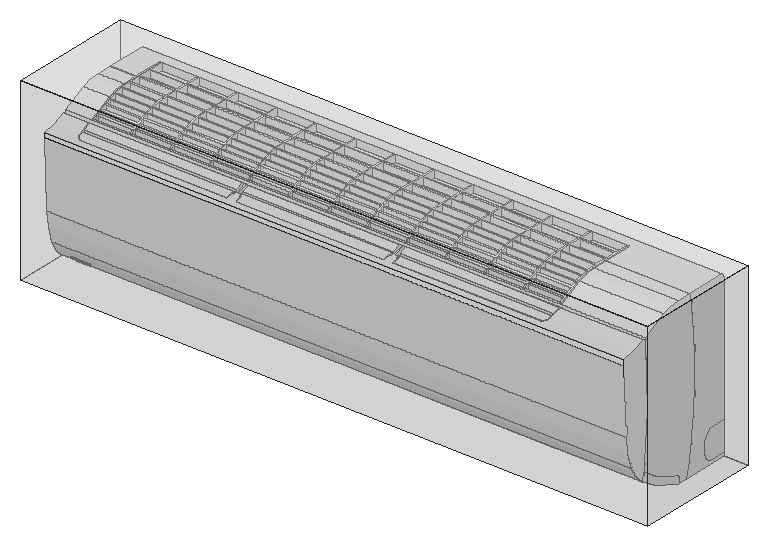
Revit family "outputfile", category 機械設備, Revit 2024 (continued)
Automatic sketch dimensions
  Extrusion 6 sketch curve to level = 39.145 mm
  Extrusion 6 sketch curve to Extrusion 6 sketch curve = 87.729 mm
  Extrusion 9 sketch curve to Extrusion 9 sketch curve = 29.597 mm
  Extrusion 9 sketch curve to Extrusion 9 sketch curve = 6.09 mm
  Extrusion 10 sketch curve to plane 5 "Front" = 51.103 mm
  Extrusion 10 sketch curve to plane 4 "Center (Front/Back)" = 43.89 mm
  Extrusion 11 sketch curve to Extrusion 11 sketch curve = 82.2 mm
  Extrusion 12 sketch curve to Extrusion 12 sketch curve = 82.2 mm
  Extrusion 5 sketch curve to Extrusion 5 sketch curve = 54.897 mm
  Extrusion 5 sketch curve to Extrusion 5 sketch curve = 8.403 mm
  Extrusion 5 sketch curve to Extrusion 5 sketch curve = 4.775 mm
  Extrusion 5 sketch curve to level = 196.822 mm
  Extrusion 6 sketch curve to Extrusion 6 sketch curve = 17.737 mm
  Extrusion 6 sketch curve to Extrusion 6 sketch curve = 8.403 mm
  Extrusion 6 sketch curve to Extrusion 6 sketch curve = 4.775 mm
  Extrusion 6 sketch curve to level = 196.822 mm
  Extrusion 6 sketch curve to level = 184.0 mm
  Extrusion 6 sketch curve to Extrusion 6 sketch curve = 3.223 mm
  Extrusion 7 sketch curve to level = 148.3 mm
  Extrusion 7 sketch curve to Extrusion 7 sketch curve = 2.725 mm
  plane 9 "Bottom" to Extrusion 7 sketch curve = 12.4 mm
  Extrusion 8 sketch curve to level = 148.3 mm
  Extrusion 8 sketch curve to Extrusion 8 sketch curve = 3.692 mm
  Extrusion 9 sketch curve to level = 148.313 mm
  Extrusion 6 sketch curve to plane 4 "Center (Front/Back)" = 76.232 mm
  Extrusion 6 sketch curve to Extrusion 6 sketch curve = 10.372 mm
  Extrusion 6 sketch curve to Extrusion 6 sketch curve = 14.363 mm
  Extrusion 6 sketch curve to Extrusion 6 sketch curve = 58.242 mm
  plane 9 "Bottom" to Extrusion 8 sketch curve = 7.772 mm
  Extrusion 10 sketch curve to Extrusion 10 sketch curve = 22.678 mm
  Extrusion 11 sketch curve to Extrusion 11 sketch curve = 199.466 mm
  Extrusion 12 sketch curve to Extrusion 12 sketch curve = 199.466 mm
  plane 9 "Bottom" to Extrusion 5 sketch curve = 98.776 mm
  plane 9 "Bottom" to Extrusion 5 sketch curve = 156.0 mm
  plane 9 "Bottom" to Extrusion 6 sketch curve = 21.788 mm
  Extrusion 6 sketch curve to Extrusion 6 sketch curve = 5.0 mm
  Extrusion 6 sketch curve to plane 4 "Center (Front/Back)" = 16.564 mm
  Extrusion 7 sketch curve to Extrusion 7 sketch curve = 5.679 mm
  Extrusion 8 sketch curve to plane 4 "Center (Front/Back)" = 16.564 mm
  plane 9 "Bottom" to Extrusion 9 sketch curve = 32.482 mm
  Extrusion 9 sketch curve to Extrusion 9 sketch curve = 12.606 mm
  plane 9 "Bottom" to Extrusion 9 sketch curve = 45.322 mm
  Extrusion 10 sketch curve to level = 173.035 mm
  Extrusion 10 sketch curve to Extrusion 10 sketch curve = 27.999 mm
  plane 1 "Back" to Extrusion 5 sketch curve = 95.491 mm
  Extrusion 5 sketch curve to Extrusion 5 sketch curve = 4.32 mm
  Extrusion 5 sketch curve to Extrusion 5 sketch curve = 0.381 mm
  Extrusion 6 sketch curve to Extrusion 6 sketch curve = 4.508 mm
  plane 1 "Back" to Extrusion 6 sketch curve = 38.573 mm
  Extrusion 6 sketch curve to plane 13 "ld_liquidpipe" = 8.3 mm
  Extrusion 7 sketch curve to plane 13 "ld_liquidpipe" = 8.3 mm
  Extrusion 8 sketch curve to plane 13 "ld_liquidpipe" = 8.3 mm
  Extrusion 9 sketch curve to plane 13 "ld_liquidpipe" = 8.432 mm
  plane 1 "Back" to Extrusion 11 sketch curve = 38.573 mm
  plane 1 "Back" to Extrusion 12 sketch curve = 38.573 mm
  plane 9 "Bottom" to curve 1 = 52.18 mm
  curve 1 to plane 5 "Front" = 38.098 mm
  curve 1 to curve 1 = 7.484 mm
  curve 1 to curve 1 = 6.633 mm
  radius of Extrusion 1 sketch curve = 40.0 mm  (x2)
Nested families
  nested 1: "daikin_clearancespace" at (0, -129.5, -154.881), show <- "Clearance visibility", visible <- "Clearance visibility", Link_Nested Family <- "Link_Nested Family", type "daikin_clearancespace"
    with width 1300.0 mm, show yes, height 370.0 mm, depth 259.0 mm, Link_Nested Family ""
  nested 2: "daikin_logo_plane_w40" at (-550.5, -227.833, -280) x (1, 0, 0) z (0, -0.7484, -0.6633), type "daikin_logo_plane_w40"
    with show_logo yes
  nested 3: "daikin_connector_rotate3" at (46, -35, -315), angle_vertical <- "angle_vertical", angle_horizontal <- "angle_horizontal", length <- "l_drainpipe_length", radius <- "r_Drain Pipe Size", type "daikin_connector_rotate3"
    with show no, radius 6.5 mm, length 554.0 mm, angle_vertical 90.00°, angle_horizontal 90.00°
  nested 4: "daikin_connector_rotate3" at (51, -30, -300), angle_vertical <- "angle_vertical", angle_horizontal <- "angle_horizontal", radius <- "r_Liquid Pipe Size", length <- "l_liquidpipe_length", type "daikin_connector_rotate3"
    with show no, radius 4.75 mm, length 549.0 mm, angle_vertical 90.00°, angle_horizontal 90.00°
  nested 5: "daikin_connector_rotate3" at (111, -15, -315), angle_vertical <- "angle_vertical", angle_horizontal <- "angle_horizontal", length <- "l_gaspipe_length", radius <- "r_Gas Pipe Size", type "daikin_connector_rotate3"
    with show no, radius 7.95 mm, length 489.0 mm, angle_vertical 90.00°, angle_horizontal 90.00°
  nested 6: "daikin_connector_rotate3" at (211, -15, -290), angle_vertical <- "angle_vertical", angle_horizontal <- "angle_horizontal", length <- "l_powersupply_length", type "daikin_connector_rotate3"
    with show no, radius 10.0 mm, length 389.0 mm, angle_vertical 90.00°, angle_horizontal 90.00°
Connectors
  piping at (600, -15, -315), diameter 15.9, driven by "r_Gas Pipe Size"
    settings: on nested 5, index 2, connector inside diameter 609.6 mm, connector length 0.0 mm, flow factor 0, pipe flow 0.00 m³/h, pressure drop 0.0 Pa, fitting loss kfactor 0, connector angle 0.00°, fixture units 0, engagement length 0.0 mm, angle of deflection 0.00°, flow configuration 1, flow direction 2, fitting loss method 0, system type 29, joint type 0, gender type 0, connector reference index -1, connector utility 0, adjustable connector no, is connector primary yes, connector description "Refrigerant Gas Piping"
  piping at (600, -35, -315), diameter 13, driven by "r_Drain Pipe Size"
    settings: on nested 3, index 3, connector inside diameter 609.6 mm, connector length 0.0 mm, flow factor 0, pipe flow 0.00 m³/h, pressure drop 0.0 Pa, fitting loss kfactor 0, connector angle 0.00°, fixture units 0, engagement length 0.0 mm, angle of deflection 0.00°, flow configuration 1, flow direction 2, fitting loss method 4, system type 16, joint type 0, gender type 0, connector reference index -1, connector utility 0, adjustable connector no, is connector primary no, connector description "Condensate Drain Piping"
  piping at (600, -30, -300), diameter 9.5, driven by "r_Liquid Pipe Size"
    settings: on nested 4, index 4, connector inside diameter 609.6 mm, connector length 0.0 mm, flow factor 0, pipe flow 0.00 m³/h, pressure drop 0.0 Pa, fitting loss kfactor 0, connector angle 0.00°, fixture units 0, engagement length 0.0 mm, angle of deflection 0.00°, flow configuration 1, flow direction 1, fitting loss method 0, system type 29, joint type 0, gender type 0, connector reference index -1, connector utility 0, adjustable connector no, is connector primary no, connector description "Refrigerant Liquid Piping"
  electrical at (600, -15, -290), driven by "Load Classification", driven by "connector_phase", driven by "connector_powerinput", driven by "connector_voltage"
    settings: on nested 6, index 5, voltage 230 V, apparent load 0 VA, apparent load phase1 0 VA, apparent load phase2 0 VA, apparent load phase3 0 VA, power factor 1, load classification "HVAC", number of poles 1, system type 30, power factor state 1, is connector primary yes, connector utility no, sub classification motor no, connector description "Power Supply"
Definition of nested family "daikin_clearancespace"
  Parameters (values of type "daikin_clearancespace")
    Description = "daikin_clearancespace"
    width [instance] = 1823.963 mm
    show [instance] = yes
    material = none
    height [instance] = 1359.762 mm
    depth [instance] = 880.0 mm
    Default Elevation = 0.0 mm
    Link_Nested Family [instance] = ""
  Reference planes
    plane 1 "Center (Front/Back)": y = 0
    plane 2 "Center (Elevation)": z = -0.119
    plane 3 "Center (Left/Right)": x = 0
    plane 4: y = 440
    plane 5: y = -440
    plane 6 "Right": x = 911.982
    plane 7 "Left": x = -911.982
    plane 8 "Top": z = 679.762
    plane 9 "Bottom": z = -680
  Forms (mm)
    Extrusion 1, solid, material <- "material", visible <- "show"
      sketch origin (0, 0, 0) x (1, 0, 0) y (0, 1, 0)
        loop
          line (-911.982, 440) -> (-911.982, -440) -> (911.982, -440) -> (911.982, 440) -> (-911.982, 440)
      from -680 to 679.762
  Lines and regions (mm)
    symbolic lines, visible <- "show"
      curve 1: line (911.982, 440, 0) -> (-911.982, 440, 0)
      curve 2: line (-911.982, 440, 0) -> (-911.982, -440, 0)
      curve 3: line (-911.982, -440, 0) -> (911.982, -440, 0)
      curve 4: line (911.982, -440, 0) -> (911.982, 440, 0)
      curve 5: line (911.982, 0, 679.762) -> (-911.982, 0, 679.762)
      curve 6: line (911.982, 0, -680) -> (911.982, 0, 679.762)
      curve 7: line (-911.982, 0, -680) -> (911.982, 0, -680)
      curve 8: line (-911.982, 0, 679.762) -> (-911.982, 0, -680)
      curve 9: line (0, 440, 679.762) -> (0, -440, 679.762)
      curve 10: line (0, -440, 679.762) -> (0, -440, -680)
      curve 11: line (0, 440, -680) -> (0, 440, 679.762)
      curve 12: line (0, -440, -680) -> (0, 440, -680)
  Dimensions and locks
    "width": plane 7 "Left" to plane 6 "Right"
    "depth": plane 4 to plane 5
    "height": plane 8 "Top" to plane 9 "Bottom"
    equal spacing: plane 7 "Left", plane 3 "Center (Left/Right)", plane 6 "Right"
    equal spacing: plane 4, plane 1 "Center (Front/Back)", plane 5
    equal spacing: plane 8 "Top", plane 2 "Center (Elevation)", plane 9 "Bottom"
    aligned and locked: level to plane 2 "Center (Elevation)"
    aligned and locked: Extrusion 1 sketch curve to plane 4
    aligned and locked: plane 7 "Left" to Extrusion 1 sketch curve
    aligned and locked: Extrusion 1 sketch curve to plane 5
    aligned and locked: Extrusion 1 sketch curve to plane 6 "Right"
    aligned and locked: plane 8 "Top" to Extrusion 1
    aligned and locked: curve 1 to Extrusion 1
    aligned and locked: curve 2 to Extrusion 1
    aligned and locked: curve 3 to Extrusion 1
    aligned and locked: curve 4 to Extrusion 1
    aligned and locked: curve 5 to Extrusion 1
    aligned and locked: curve 6 to Extrusion 1
    aligned and locked: curve 7 to Extrusion 1
    aligned and locked: curve 8 to Extrusion 1
    aligned and locked: curve 9 to Extrusion 1
    aligned and locked: curve 10 to Extrusion 1
    aligned and locked: curve 11 to Extrusion 1
    aligned and locked: curve 12 to Extrusion 1
    aligned and locked: Extrusion 1 to plane 9 "Bottom"
Definition of nested family "daikin_logo_plane_w40"
  Parameters (values of type "daikin_logo_plane_w40")
    width = 40.0 mm
    show_logo [instance] = yes
    material = none
    height = 0.0 mm
    depth = 0.0 mm
    Default Elevation = 1219.2 mm
  Reference planes
    plane 1 "Center (Front/Back)": y = 0
    plane 2: z = 0
    plane 3 "Center (Left/Right)": x = 0
    plane 4: z = 2
    plane 5 "left": x = -19
    plane 6: x = 19
  Forms (mm)
    Extrusion 1, solid, visible <- "show_logo"
      sketch origin (-19, 0, 0) x (1, 0, 0) y (0, 1, 0)
        loop
          line (8.902, -1.878) -> (7.789, -6.332) -> (11.13, -6.332)
          arc (11.13, -6.332) -> (12.454, -6.064) -> (13.472, -5.176) r 2.642
          arc (13.472, -5.176) -> (13.92, -4.02) -> (13.767, -2.79) r 2.537
          arc (13.767, -2.79) -> (13.452, -2.342) -> (12.982, -2.06) r 1.321
          arc (12.982, -2.06) -> (12.063, -1.902) -> (11.13, -1.878) r 6.479
          line (11.13, -1.878) -> (8.902, -1.878)
        loop
          line (10.016, -5.441) -> (10.907, -5.441)
          arc (10.907, -5.441) -> (11.591, -4.983) -> (11.988, -4.261) r 1.742
          spline (11.988, -4.261) -> (12.01, -4.155) -> (12.027, -4.03) -> (12.037, -3.893) -> (12.037, -3.747) -> (12.026, -3.598) -> (12.002, -3.451) -> (11.962, -3.31) -> (11.905, -3.181) -> (11.829, -3.069) -> (11.731, -2.978) -> (11.61, -2.913) -> (11.464, -2.88)
          line (11.464, -2.88) -> (10.573, -2.88) -> (10.016, -5.441)
        loop
          line (13.58, -6.332) -> (14.805, -6.332) -> (15.223, -5.553) -> (16.977, -5.553) -> (17.144, -6.332) -> (19.149, -6.332) -> (18.258, -1.878) -> (16.03, -1.878) -> (13.58, -6.332)
        loop
          line (16.476, -3.214) -> (15.76, -4.551) -> (16.762, -4.551) -> (16.476, -3.214)
        loop
          line (19.705, -6.332) -> (21.599, -6.332) -> (22.712, -1.878) -> (20.819, -1.878) -> (19.705, -6.332)
        loop
          line (22.712, -6.332) -> (24.606, -6.332) -> (24.908, -5.122) -> (25.831, -6.332) -> (28.17, -6.332) -> (26.388, -3.994) -> (28.949, -1.878) -> (26.945, -1.878) -> (25.401, -3.153) -> (25.719, -1.878) -> (23.826, -1.878) -> (22.712, -6.332)
        loop
          line (29.84, -1.878) -> (28.615, -6.332) -> (30.62, -6.332) -> (31.734, -1.878) -> (29.84, -1.878)
        loop
          line (31.734, -6.332) -> (33.07, -6.332) -> (33.7, -3.814) -> (34.518, -6.332) -> (36.745, -6.332) -> (37.859, -1.878) -> (36.523, -1.878) -> (35.845, -4.589) -> (34.963, -1.878) -> (32.847, -1.878) -> (31.734, -6.332)
      from 0 to 2
    Extrusion 2, solid, visible <- "show_logo"
      sketch origin (-19, 0, 0) x (1, 0, 0) y (0, 1, 0)
        loop
          line (8.7, 0) -> (4.235, 0) -> (0, -3.879) -> (0, -8) -> (8.7, 0)
      from 0 to 2
    Extrusion 3, solid, visible <- "show_logo"
      sketch origin (-19, 0, 0) x (1, 0, 0) y (0, 1, 0)
        loop
          line (0, 0) -> (0, -3.879) -> (4.235, 0) -> (0, 0)
      from 0 to 2
  Dimensions and locks
    plane 4 to plane 2 = 2.0 mm
    equal spacing: plane 5 "left", plane 3 "Center (Left/Right)", plane 6
    locked: plane 5 "left" to plane 6 at 38
    aligned and locked: level to plane 2
    aligned and locked: Extrusion 3 to plane 1 "Center (Front/Back)"  (x2)
    aligned and locked: Extrusion 2 to plane 1 "Center (Front/Back)"  (x2)
    aligned and locked: plane 4 to Extrusion 1
    aligned and locked: plane 4 to Extrusion 3
    aligned and locked: plane 4 to Extrusion 2
    aligned and locked: Extrusion 3 to plane 5 "left"
    aligned and locked: Extrusion 2 to plane 5 "left"
  Automatic sketch dimensions
    Extrusion 1 sketch curve to Extrusion 1 sketch curve = 0.901 mm
    Extrusion 1 sketch curve to Extrusion 1 sketch curve = 1.559 mm
    Extrusion 1 sketch curve to Extrusion 1 sketch curve = 1.327 mm
    Extrusion 1 sketch curve to Extrusion 1 sketch curve = 2.145 mm
    Extrusion 1 sketch curve to Extrusion 1 sketch curve = 1.448 mm
    Extrusion 1 sketch curve to Extrusion 1 sketch curve = 2.116 mm
    Extrusion 1 sketch curve to Extrusion 1 sketch curve = 1.114 mm  (x4)
    Extrusion 1 sketch curve to Extrusion 1 sketch curve = 1.336 mm  (x2)
    plane 1 "Center (Front/Back)" to Extrusion 1 sketch curve = 1.878 mm  (x5)
    Extrusion 1 sketch curve to Extrusion 1 sketch curve = 1.893 mm  (x5)
    Extrusion 1 sketch curve to Extrusion 1 sketch curve = 0.891 mm  (x4)
    Extrusion 1 sketch curve to Extrusion 1 sketch curve = 2.005 mm  (x3)
    Extrusion 1 sketch curve to Extrusion 1 sketch curve = 0.445 mm  (x2)
    plane 1 "Center (Front/Back)" to Extrusion 1 sketch curve = 3.994 mm
    Extrusion 1 sketch curve to Extrusion 1 sketch curve = 0.557 mm  (x2)
    Extrusion 1 sketch curve to Extrusion 1 sketch curve = 2.339 mm  (x2)
    Extrusion 1 sketch curve to Extrusion 1 sketch curve = 1.225 mm  (x3)
    plane 1 "Center (Front/Back)" to Extrusion 1 sketch curve = 3.153 mm
    Extrusion 1 sketch curve to Extrusion 1 sketch curve = 0.987 mm
    plane 1 "Center (Front/Back)" to Extrusion 1 sketch curve = 5.122 mm
    Extrusion 1 sketch curve to Extrusion 1 sketch curve = 0.922 mm
    plane 1 "Center (Front/Back)" to Extrusion 1 sketch curve = 6.332 mm
    Extrusion 1 sketch curve to Extrusion 1 sketch curve = 2.562 mm
    plane 1 "Center (Front/Back)" to Extrusion 1 sketch curve = 5.553 mm
    Extrusion 1 sketch curve to Extrusion 1 sketch curve = 0.167 mm
    Extrusion 1 sketch curve to Extrusion 1 sketch curve = 0.215 mm
    plane 1 "Center (Front/Back)" to Extrusion 1 sketch curve = 3.214 mm
    Extrusion 1 sketch curve to Extrusion 1 sketch curve = 0.286 mm
    plane 1 "Center (Front/Back)" to Extrusion 1 sketch curve = 4.551 mm
    Extrusion 1 sketch curve to Extrusion 1 sketch curve = 1.002 mm
    Extrusion 1 sketch curve to Extrusion 1 sketch curve = 0.537 mm
    Extrusion 1 sketch curve to Extrusion 1 sketch curve = 0.418 mm
    Extrusion 1 sketch curve to Extrusion 1 sketch curve = 1.028 mm
    plane 1 "Center (Front/Back)" to Extrusion 1 sketch curve = 4.261 mm
    Extrusion 1 sketch curve to Extrusion 1 sketch curve = 0.563 mm
    plane 1 "Center (Front/Back)" to Extrusion 1 sketch curve = 2.88 mm
    Extrusion 1 sketch curve to Extrusion 1 sketch curve = 1.088 mm
    Extrusion 1 sketch curve to Extrusion 1 sketch curve = 2.152 mm
    Extrusion 1 sketch curve to Extrusion 1 sketch curve = 0.586 mm
    Extrusion 1 sketch curve to Extrusion 1 sketch curve = 0.118 mm
    Extrusion 1 sketch curve to Extrusion 1 sketch curve = 0.298 mm
    Extrusion 1 sketch curve to Extrusion 1 sketch curve = 0.334 mm
    Extrusion 1 sketch curve to Extrusion 1 sketch curve = 0.223 mm
    Extrusion 1 sketch curve to Extrusion 1 sketch curve = 0.266 mm
    Extrusion 1 sketch curve to Extrusion 1 sketch curve = 1.671 mm
    Extrusion 1 sketch curve to Extrusion 1 sketch curve = 2.227 mm
    Extrusion 1 sketch curve to Extrusion 1 sketch curve = 0.0 mm  (x7)
    Extrusion 1 sketch curve to Extrusion 1 sketch curve = 3.453 mm
    Extrusion 1 sketch curve to Extrusion 1 sketch curve = 2.017 mm
    Extrusion 1 sketch curve to Extrusion 1 sketch curve = 0.78 mm  (x2)
    Extrusion 1 sketch curve to Extrusion 1 sketch curve = 1.743 mm
    Extrusion 1 sketch curve to Extrusion 1 sketch curve = 0.775 mm
    Extrusion 1 sketch curve to Extrusion 1 sketch curve = 0.552 mm
    Extrusion 1 sketch curve to Extrusion 1 sketch curve = 0.014 mm
    Extrusion 1 sketch curve to Extrusion 1 sketch curve = 0.952 mm
    Extrusion 1 sketch curve to Extrusion 1 sketch curve = 1.215 mm
    Extrusion 1 sketch curve to Extrusion 1 sketch curve = 0.108 mm
    plane 1 "Center (Front/Back)" to Extrusion 2 sketch curve = 0.0 mm
    Extrusion 2 sketch curve to plane 3 "Center (Left/Right)" = 19.0 mm
    Extrusion 2 sketch curve to plane 3 "Center (Left/Right)" = 14.765 mm
    Extrusion 2 sketch curve to Extrusion 2 sketch curve = 4.465 mm
    plane 1 "Center (Front/Back)" to Extrusion 2 sketch curve = 3.879 mm
    Extrusion 2 sketch curve to Extrusion 2 sketch curve = 4.12 mm
    plane 1 "Center (Front/Back)" to Extrusion 3 sketch curve = 0.0 mm
    Extrusion 3 sketch curve to plane 3 "Center (Left/Right)" = 19.0 mm
    Extrusion 3 sketch curve to plane 3 "Center (Left/Right)" = 14.765 mm
    plane 1 "Center (Front/Back)" to Extrusion 3 sketch curve = 3.879 mm
    Extrusion 1 sketch curve to plane 3 "Center (Left/Right)" = 11.211 mm
    Extrusion 1 sketch curve to Extrusion 1 sketch curve = 1.782 mm
Definition of nested family "daikin_connector_rotate3"
  Parameters (values of type "daikin_connector_rotate3")
    show [instance] = yes
    radius [instance] = 10.0 mm
    length [instance] = 600.0 mm
    angle_horizontal [instance] = 60.00°
    angle_vertical [instance] = 90.00°
    Default Elevation = 1219.2 mm
  Reference planes
    plane 1 "Center (Front/Back)": y = 0
    plane 2: z = 0
    plane 3 "Center (Left/Right)": x = 0
  Dimensions and locks
    "angle_horizontal": angle plane 3 "Center (Left/Right)" to nested 1
    aligned and locked: level to plane 2
    aligned and locked: plane 1 "Center (Front/Back)" to nested 1  (x2)
    aligned and locked: plane 3 "Center (Left/Right)" to nested 1
  Nested families
    nested 1: "daikin_connector_rotate2" at (0, 0, 0) x (0.5, 0.866, 0) z (0, 0, 1), angle_vertical <- "angle_vertical", length <- "length", radius <- "radius", type "daikin_connector_rotate2"
      with radius 10.0 mm, length 600.0 mm, angle_vertical 90.00°
  Definition of nested family "daikin_connector_rotate2"
    Parameters (values of type "daikin_connector_rotate2")
      show_face = yes
      radius [instance] = 10.0 mm
      length [instance] = 600.0 mm
      d_surface = 10.0 mm
      angle_vertical [instance] = 90.00°
      Default Elevation = 0.0 mm
    Reference planes
      plane 1 "Center (Front/Back)": y = 0
      plane 2: z = 0
      plane 3 "Center (Left/Right)": x = 0
    Forms (mm)
      Extrusion 1, solid, visible <- "show_face"
        sketch origin (0, -600, 0) x (1, 0, 0) y (0, 0, 1)
          loop
            circle (0, 0) r 10
        from 0 to -10
    Lines and regions (mm)
      reference lines
        curve 1: line (0, 0, 0) -> (0, -600, 0)
      symbolic lines
        curve 2: circle (0, 0, 0) r 5 normal (0, 0, 1)
      model lines, visible <- "show_face"
        curve 3: line (0, 0, 0) -> (0, -600, 0)
    Dimensions and locks
      "length": curve 1 to curve 1
      "length": curve 3 to curve 3
      "d_surface": Extrusion 1 to Extrusion 1
      "radius": radius of Extrusion 1 sketch curve
      "angle_vertical": angle curve 1 to plane 1 "Center (Front/Back)"
      "angle_vertical": angle curve 3 to plane 1 "Center (Front/Back)"
      aligned and locked: level to plane 2
      aligned and locked: plane 1 "Center (Front/Back)" to curve 1
      aligned and locked: plane 2 to curve 1
      aligned and locked: plane 1 "Center (Front/Back)" to curve 2
      aligned and locked: plane 3 "Center (Left/Right)" to curve 2
      aligned and locked: plane 1 "Center (Front/Back)" to curve 3
      aligned and locked: plane 2 to curve 3
      aligned and locked: Extrusion 1 to Extrusion 1
    Automatic sketch dimensions
      Extrusion 1 sketch curve to level = 0.0 mm
      Extrusion 1 sketch curve to plane 3 "Center (Left/Right)" = 0.0 mm
      radius of curve 2 = 5.0 mm
